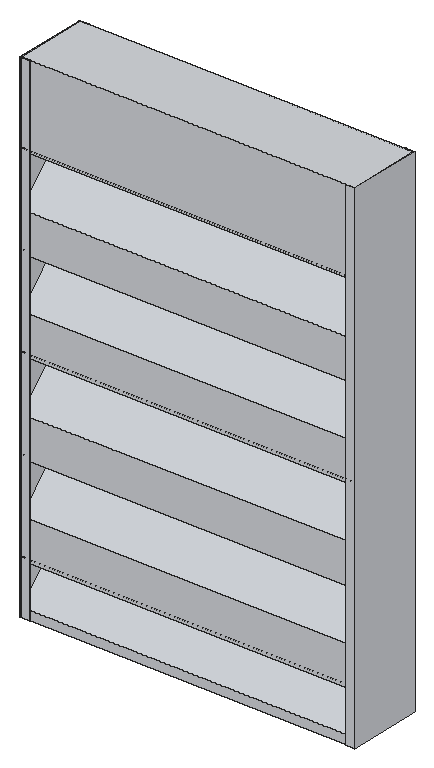
Revit family "XAC-4", category Mechanical Equipment, Revit 2015
Parameters
  URL = "http://unitedenertech.com/catalog/pdf/A_37%20XAC-4.pdf"
  Type Comments = "Max. Single Section Size is (48\"w x 120\"h)"
  Model = "XAC-4"
  Manufacturer = "United Enertech Corporation"
  Keynote = "Note: Sill Condition is not indicative of actual product. Sill height flexes to maintain constant spacing on built louvers. Consult Factory for correct specific size models."
  Exact Width = 3' - 0"
  Exact Height = 4' - 6"
  Description = "8\" Deep Acoustical Louver"
  Blade Width [instance] = Exact Width - 0' 0 1/8"  # 2' - 11 7/8"
  Blade Spacing = 0' - 9 7/8"
  Blade Number [instance] = rounddown((Exact Height - 0' 6 27/32") / Blade Spacing)  # 4
Reference planes (in)
  plane 1 "Center (Front/Back)": y = 0
  plane 2: z = 0
  plane 3 "Center (Left/Right)": x = 0
  plane 4: x = -18
  plane 5: x = 18
  plane 6: z = 54
  plane 7: x = -17.9522
  plane 8: x = 17.9522
  plane 9: z = 47.14722
Forms (in)
  Extrusion 1, solid
    sketch origin (7.1357, -47.92953, 0) x (0, 1, 0) y (-1, 0, 0)
      loop
        line (47.92953, 24.1357) -> (47.97733, 24.1357) -> (47.97733, 25.0879) -> (55.88173, 25.0879) -> (55.88173, 24.1357) -> (55.92953, 24.1357) -> (55.92953, 25.1357) -> (47.92953, 25.1357) -> (47.92953, 24.1357)
    from 0 to 54
  Extrusion 2, solid
    sketch origin (-7.1357, -47.92953, 0) x (0, 1, 0) y (-1, 0, 0)
      loop
        line (47.92953, -24.1357) -> (47.92953, -25.1357) -> (55.92953, -25.1357) -> (55.92953, -24.1357) -> (55.88173, -24.1357) -> (55.88173, -25.0879) -> (47.97733, -25.0879) -> (47.97733, -24.1357) -> (47.92953, -24.1357)
    from 0 to 54
  Extrusion 3, solid
    sketch origin (45.92953, -47.92953, -9.94897) x (0, 1, 0) y (0, 0, 1)
      loop
        line (55.83393, 10.94897) -> (55.83393, 9.99677) -> (48.02513, 9.99677) -> (48.02513, 10.92917) -> (55.83393, 18.73797) -> (55.83393, 17.85337) -> (55.88173, 17.85337) -> (55.88173, 18.85337) -> (47.97733, 10.94897) -> (47.97733, 9.94897) -> (55.88173, 9.94897) -> (55.88173, 10.94897) -> (55.83393, 10.94897)
    from -63.88173 to -27.97733
  Extrusion 4, solid, material "Steel, S 355"
    sketch origin (45.92953, -47.92953, -9.94897) x (0, 1, 0) y (0, 0, 1)
      loop
        line (55.79803, 18.63119) -> (55.79803, 9.99677) -> (55.83393, 9.99677) -> (55.83393, 18.63119) -> (55.79803, 18.63119)
    from -63.88173 to -27.97733
Dimensions and locks (in)
  equal spacing: plane 4, plane 3 "Center (Left/Right)", plane 5
  "Exact Width": plane 4 to plane 5
  "Exact Height": plane 6 to level
  locked: plane 4 to plane 7 at 0.0478
  locked: plane 8 to plane 5 at 0.0478
  locked: plane 6 to plane 9 at 6.85278
  equal spacing: group 1, group 2, group 3, group 4  (x2)
  equal spacing: group 4, group 3, group 2, group 1
  "Blade Spacing": nested 2 to nested 3
  aligned and locked: level to plane 2
  aligned and locked: plane 6 to Extrusion 2
  aligned and locked: plane 6 to Extrusion 1
  aligned and locked: Extrusion 3 to plane 7
  aligned and locked: Extrusion 4 to plane 7
  aligned and locked: plane 8 to Extrusion 3
  aligned and locked: plane 8 to Extrusion 4
  aligned and locked: plane 6 to nested 1
  aligned and locked: plane 3 "Center (Left/Right)" to nested 1
  aligned and locked: plane 3 "Center (Left/Right)" to nested 2
  aligned and locked: plane 9 to nested 2
Automatic sketch dimensions
  plane 1 "Center (Front/Back)" to Extrusion 1 sketch curve = 0' - 0"
  Extrusion 1 sketch curve to plane 4 = 0' - 0"
  Extrusion 1 sketch curve to plane 1 "Center (Front/Back)" = 0' - 0.0478"
  Extrusion 1 sketch curve to plane 4 = 0' - 0.0478"
  Extrusion 1 sketch curve to Extrusion 1 sketch curve = 0' - 7.9044"
  Extrusion 1 sketch curve to Extrusion 1 sketch curve = 0' - 0.0478"
  Extrusion 1 sketch curve to Extrusion 1 sketch curve = 0' - 0.9522"  (x2)
  plane 1 "Center (Front/Back)" to Extrusion 2 sketch curve = 0' - 0"
  Extrusion 2 sketch curve to plane 5 = 0' - 0"
  plane 1 "Center (Front/Back)" to Extrusion 2 sketch curve = 0' - 0.0478"
  plane 5 to Extrusion 2 sketch curve = 0' - 0.0478"
  Extrusion 2 sketch curve to Extrusion 2 sketch curve = 0' - 7.9044"
  Extrusion 2 sketch curve to Extrusion 2 sketch curve = 0' - 0.0478"
  Extrusion 2 sketch curve to Extrusion 2 sketch curve = 0' - 0.9522"  (x2)
  level to Extrusion 3 sketch curve = 0' - 0"
  Extrusion 3 sketch curve to plane 1 "Center (Front/Back)" = 0' - 0.0478"
  Extrusion 3 sketch curve to Extrusion 3 sketch curve = 0' - 0.0478"  (x4)
  Extrusion 3 sketch curve to Extrusion 3 sketch curve = 0' - 7.8088"
  level to Extrusion 3 sketch curve = 0' - 1"
  Extrusion 3 sketch curve to Extrusion 3 sketch curve = 0' - 0"
  Extrusion 3 sketch curve to Extrusion 3 sketch curve = 0' - 0.9324"
  Extrusion 3 sketch curve to Extrusion 3 sketch curve = 0' - 0.0198"
  Extrusion 3 sketch curve to Extrusion 3 sketch curve = 0' - 6.9044"
  Extrusion 3 sketch curve to Extrusion 3 sketch curve = 0' - 0.8846"
  Extrusion 3 sketch curve to Extrusion 3 sketch curve = 0' - 0.1154"
  level to Extrusion 4 sketch curve = 0' - 0.0478"
  Extrusion 4 sketch curve to plane 1 "Center (Front/Back)" = 0' - 7.8685"
  Extrusion 4 sketch curve to Extrusion 4 sketch curve = 0' - 0.0359"
  Extrusion 4 sketch curve to Extrusion 4 sketch curve = 0' - 8.63441"
Nested families (in)
  nested 1: "XACHEAD" at (0, 0.59774, 43.5), type "XACHEAD"
    with Head Width 2' - 11 7/8"
  nested 2: "Family1" at (0, -0.032, 35.13611), type "Family1"
    with Blade Width 2' - 11 7/8"
  nested 3: "Family1" at (0, -0.032, 25.26111), type "Family1"
    with Blade Width 2' - 11 7/8"
  nested 4: "Family1" at (0, -0.032, 15.38611), type "Family1"
    with Blade Width 2' - 11 7/8"
  nested 5: "Family1" at (0, -0.032, 5.51111), type "Family1"
    with Blade Width 2' - 11 7/8"
Definition of nested family "XACHEAD"
  Parameters (values of type "XACHEAD")
    Head Width = 2' - 0"
  Reference planes (in)
    plane 1 "Center (Front/Back)": y = 0
    plane 2: z = 0
    plane 3 "Center (Left/Right)": x = 0
    plane 4: x = -12
    plane 5: x = 12
  Forms (in)
    Extrusion 1, solid
      sketch origin (-6.47412, 3.87638, 2.59774) x (0, 1, 0) y (0, 0, 1)
        loop
          line (-3.75301, -0.35683) -> (-4.37852, -0.98234) -> (-4.37852, 7.85446) -> (3.43028, 7.85446) -> (3.43028, 6.82646) -> (2.73718, 6.13336) -> (2.77098, 6.09956) -> (3.47808, 6.80666) -> (3.47808, 7.90226) -> (-4.42632, 7.90226) -> (-4.42632, -1.09774) -> (-3.71921, -0.39063) -> (-3.75301, -0.35683)
      from -5.52588 to 18.47412
    Extrusion 2, solid
      sketch origin (-6.47412, 3.87638, 2.59774) x (0, 1, 0) y (0, 0, 1)
        loop
          line (3.40377, 6.85298) -> (-4.37123, -0.92202) -> (-4.34472, -0.94854) -> (3.43028, 6.82646) -> (3.40377, 6.85298)
      from -5.52588 to 18.47412
  Dimensions and locks (in)
    equal spacing: plane 4, plane 3 "Center (Left/Right)", plane 5
    "Head Width": plane 4 to plane 5
    aligned and locked: level to plane 2
    aligned and locked: plane 4 to Extrusion 1
    aligned and locked: plane 4 to Extrusion 2
    aligned and locked: plane 5 to Extrusion 1
    aligned and locked: plane 5 to Extrusion 2
  Automatic sketch dimensions
    plane 1 "Center (Front/Back)" to Extrusion 1 sketch curve = 0' - 0.54994"
    Extrusion 1 sketch curve to Extrusion 1 sketch curve = 0' - 0.0478"  (x3)
    Extrusion 1 sketch curve to plane 1 "Center (Front/Back)" = 0' - 0.12337"
    Extrusion 1 sketch curve to Extrusion 1 sketch curve = 0' - 0.0338"  (x3)
    Extrusion 1 sketch curve to plane 1 "Center (Front/Back)" = 0' - 6.61356"
    Extrusion 1 sketch curve to Extrusion 1 sketch curve = 0' - 0.69311"
    level to Extrusion 1 sketch curve = 0' - 1 1/2"
    Extrusion 1 sketch curve to Extrusion 1 sketch curve = 0' - 0.1154"
    level to Extrusion 1 sketch curve = 0' - 8.69729"
    Extrusion 1 sketch curve to Extrusion 1 sketch curve = 0' - 1.028"
    plane 1 "Center (Front/Back)" to Extrusion 2 sketch curve = 0' - 0.49485"
    Extrusion 2 sketch curve to Extrusion 2 sketch curve = 0' - 0.02652"  (x2)
    Extrusion 2 sketch curve to plane 1 "Center (Front/Back)" = 0' - 7.28015"
    level to Extrusion 2 sketch curve = 0' - 1.6492"
Definition of nested family "Family1"
  Parameters (values of type "Family1")
    Blade Width = 2' - 0"
  Reference planes (in)
    plane 1 "Center (Front/Back)": y = 0
    plane 2: z = 0
    plane 3 "Center (Left/Right)": x = 0
    plane 4: x = -12
    plane 5: x = 12
  Forms (in)
    Extrusion 1, solid
      sketch origin (8.03922, -10.00722, 1.968) x (0, 1, 0) y (0, 0, 1)
        loop
          line (10.76033, -1.2382) -> (10.13482, -1.86371) -> (10.13482, 2.24374) -> (17.8864, 9.99531) -> (17.94362, 9.99531) -> (17.94362, 5.92529) -> (17.99142, 5.92529) -> (17.99142, 10.04311) -> (17.8666, 10.04311) -> (10.08702, 2.26353) -> (10.08702, -1.97911) -> (10.79413, -1.272) -> (10.76033, -1.2382)
      from -20.03922 to 3.96078
    Extrusion 2, solid
      sketch origin (8.03922, -10.00722, 1.968) x (0, 1, 0) y (0, 0, 1)
        loop
          line (17.90772, 9.90608) -> (17.90772, 5.95996) -> (10.20534, -1.74242) -> (10.23073, -1.7678) -> (17.94362, 5.94509) -> (17.94362, 9.90608) -> (17.90772, 9.90608)
      from -20.03922 to 3.96078
  Dimensions and locks (in)
    equal spacing: plane 4, plane 3 "Center (Left/Right)", plane 5
    "Blade Width": plane 4 to plane 5
    aligned and locked: level to plane 2
    aligned and locked: plane 4 to Extrusion 1
    aligned and locked: plane 4 to Extrusion 2
    aligned and locked: plane 5 to Extrusion 1
    aligned and locked: plane 5 to Extrusion 2
  Automatic sketch dimensions
    Extrusion 1 sketch curve to level = 0' - 0.01111"
    Extrusion 1 sketch curve to plane 1 "Center (Front/Back)" = 0' - 0.0798"
    Extrusion 1 sketch curve to Extrusion 1 sketch curve = 0' - 0.0478"  (x3)
    Extrusion 1 sketch curve to plane 1 "Center (Front/Back)" = 0' - 0.75311"
    Extrusion 1 sketch curve to Extrusion 1 sketch curve = 0' - 0.0338"
    Extrusion 1 sketch curve to plane 1 "Center (Front/Back)" = 0' - 7 55/64"
    Extrusion 1 sketch curve to Extrusion 1 sketch curve = 0' - 0.0198"  (x2)
    Extrusion 1 sketch curve to Extrusion 1 sketch curve = 0' - 0.05722"
    level to Extrusion 1 sketch curve = 0' - 0.10429"
    Extrusion 1 sketch curve to Extrusion 1 sketch curve = 0' - 3.48193"
    level to Extrusion 1 sketch curve = 0' - 7.89329"
    Extrusion 1 sketch curve to Extrusion 1 sketch curve = 0' - 4.07002"
    Extrusion 2 sketch curve to plane 1 "Center (Front/Back)" = 0' - 0.19812"
    Extrusion 2 sketch curve to Extrusion 2 sketch curve = 0' - 0.02539"  (x2)
    Extrusion 2 sketch curve to plane 1 "Center (Front/Back)" = 0' - 7.9005"
    Extrusion 2 sketch curve to Extrusion 2 sketch curve = 0' - 0.0359"
    level to Extrusion 2 sketch curve = 0' - 0.20019"
    Extrusion 2 sketch curve to Extrusion 2 sketch curve = 0' - 3.94611"
